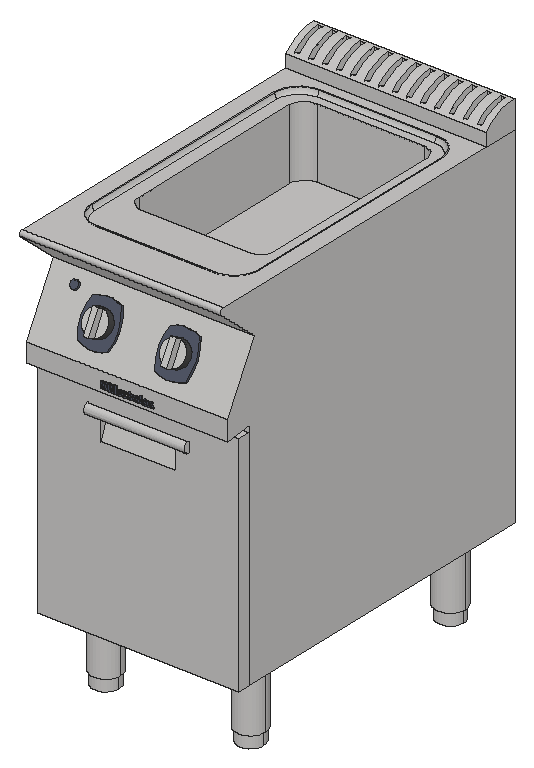
Revit family "QF_ELECTROLUXPROFESSIONAL_371352_E7OOBDBAMC", category Specialty Equipment, Revit 2018 (continued)
Automatic sketch dimensions
  Extrusion 36 sketch curve to Extrusion 36 sketch curve = 0.064 mm
  plane 7 "Center Y" to Extrusion 36 sketch curve = 6.733 mm
  Extrusion 36 sketch curve to Extrusion 36 sketch curve = 0.556 mm  (x2)
  Extrusion 36 sketch curve to Extrusion 36 sketch curve = 0.48 mm
  Extrusion 36 sketch curve to Extrusion 36 sketch curve = 1.018 mm
  Extrusion 36 sketch curve to Extrusion 36 sketch curve = 0.787 mm
  Extrusion 36 sketch curve to Extrusion 36 sketch curve = 0.618 mm
  Extrusion 36 sketch curve to Extrusion 36 sketch curve = 1.672 mm
  Extrusion 36 sketch curve to Extrusion 36 sketch curve = 1.361 mm
  Extrusion 36 sketch curve to Extrusion 36 sketch curve = 0.822 mm
  Extrusion 36 sketch curve to Extrusion 36 sketch curve = 0.069 mm
  Extrusion 36 sketch curve to Extrusion 36 sketch curve = 1.88 mm
  Extrusion 36 sketch curve to Extrusion 36 sketch curve = 0.42 mm
  Extrusion 36 sketch curve to Extrusion 36 sketch curve = 0.062 mm
  Extrusion 36 sketch curve to Extrusion 36 sketch curve = 1.355 mm
  Extrusion 36 sketch curve to Extrusion 36 sketch curve = 2.34 mm
  Extrusion 36 sketch curve to Extrusion 36 sketch curve = 0.493 mm
  Extrusion 36 sketch curve to Extrusion 36 sketch curve = 0.136 mm
  Extrusion 36 sketch curve to Extrusion 36 sketch curve = 0.128 mm
  Extrusion 36 sketch curve to Extrusion 36 sketch curve = 3.616 mm
  Extrusion 36 sketch curve to Extrusion 36 sketch curve = 4.207 mm
  Extrusion 36 sketch curve to Extrusion 36 sketch curve = 0.183 mm
  Extrusion 36 sketch curve to Extrusion 36 sketch curve = 0.895 mm
  Extrusion 36 sketch curve to Extrusion 36 sketch curve = 1.314 mm
  Extrusion 36 sketch curve to Extrusion 36 sketch curve = 3.231 mm
  Extrusion 36 sketch curve to Extrusion 36 sketch curve = 1.299 mm
  Extrusion 36 sketch curve to Extrusion 36 sketch curve = 1.214 mm
  Extrusion 36 sketch curve to Extrusion 36 sketch curve = 1.264 mm
  Extrusion 36 sketch curve to Extrusion 36 sketch curve = 0.109 mm
  Extrusion 36 sketch curve to Extrusion 36 sketch curve = 0.357 mm
  Extrusion 36 sketch curve to Extrusion 36 sketch curve = 0.565 mm
  Extrusion 36 sketch curve to Extrusion 36 sketch curve = 2.504 mm
  Extrusion 36 sketch curve to Extrusion 36 sketch curve = 2.459 mm
  Extrusion 36 sketch curve to Extrusion 36 sketch curve = 1.322 mm
  Extrusion 36 sketch curve to Extrusion 36 sketch curve = 2.77 mm
  Extrusion 36 sketch curve to Extrusion 36 sketch curve = 2.51 mm
  Extrusion 36 sketch curve to Extrusion 36 sketch curve = 0.187 mm
  Extrusion 36 sketch curve to Extrusion 36 sketch curve = 2.559 mm
  Extrusion 36 sketch curve to Extrusion 36 sketch curve = 1.556 mm
  Extrusion 36 sketch curve to Extrusion 36 sketch curve = 0.222 mm
  Extrusion 36 sketch curve to Extrusion 36 sketch curve = 1.383 mm
  Extrusion 36 sketch curve to Extrusion 36 sketch curve = 3.114 mm
  Extrusion 36 sketch curve to Extrusion 36 sketch curve = 3.376 mm
  Extrusion 36 sketch curve to Extrusion 36 sketch curve = 0.934 mm
  Extrusion 36 sketch curve to Extrusion 36 sketch curve = 0.191 mm
  Extrusion 36 sketch curve to Extrusion 36 sketch curve = 3.696 mm
  Extrusion 36 sketch curve to Extrusion 36 sketch curve = 2.708 mm
  Extrusion 36 sketch curve to Extrusion 36 sketch curve = 3.333 mm
  Extrusion 36 sketch curve to Extrusion 36 sketch curve = 0.332 mm
  Extrusion 36 sketch curve to Extrusion 36 sketch curve = 1.087 mm
  Extrusion 36 sketch curve to Extrusion 36 sketch curve = 2.23 mm
  Extrusion 36 sketch curve to Extrusion 36 sketch curve = 2.757 mm
  Extrusion 36 sketch curve to Extrusion 36 sketch curve = 0.987 mm
  Extrusion 36 sketch curve to Extrusion 36 sketch curve = 1.529 mm
  Extrusion 36 sketch curve to Extrusion 36 sketch curve = 1.796 mm
  Extrusion 36 sketch curve to Extrusion 36 sketch curve = 2.859 mm
  Extrusion 36 sketch curve to Extrusion 36 sketch curve = 0.853 mm
  Extrusion 36 sketch curve to Extrusion 36 sketch curve = 1.241 mm
  Extrusion 36 sketch curve to Extrusion 36 sketch curve = 2.046 mm  (x2)
  Extrusion 36 sketch curve to Extrusion 36 sketch curve = 2.422 mm
  Extrusion 36 sketch curve to Extrusion 36 sketch curve = 0.27 mm  (x2)
  Extrusion 36 sketch curve to Extrusion 36 sketch curve = 0.69 mm
  Extrusion 36 sketch curve to Extrusion 36 sketch curve = 0.781 mm  (x2)
  Extrusion 36 sketch curve to Extrusion 36 sketch curve = 3.136 mm
  Extrusion 36 sketch curve to Extrusion 36 sketch curve = 1.767 mm
  Extrusion 36 sketch curve to Extrusion 36 sketch curve = 0.138 mm
  Extrusion 36 sketch curve to Extrusion 36 sketch curve = 0.777 mm
  Extrusion 36 sketch curve to Extrusion 36 sketch curve = 1.19 mm
  Extrusion 36 sketch curve to Extrusion 36 sketch curve = 0.782 mm
  Extrusion 36 sketch curve to Extrusion 36 sketch curve = 1.268 mm
  Extrusion 36 sketch curve to Extrusion 36 sketch curve = 0.422 mm  (x2)
  Extrusion 36 sketch curve to Extrusion 36 sketch curve = 1.559 mm
  Extrusion 36 sketch curve to Extrusion 36 sketch curve = 3.927 mm
  Extrusion 36 sketch curve to Extrusion 36 sketch curve = 0.983 mm
  Extrusion 36 sketch curve to Extrusion 36 sketch curve = 1.134 mm
  Extrusion 36 sketch curve to Extrusion 36 sketch curve = 0.094 mm
  Extrusion 36 sketch curve to Extrusion 36 sketch curve = 1.584 mm
  Extrusion 36 sketch curve to Extrusion 36 sketch curve = 0.643 mm
  Extrusion 36 sketch curve to Extrusion 36 sketch curve = 0.916 mm
  Extrusion 36 sketch curve to Extrusion 36 sketch curve = 0.352 mm
  Extrusion 36 sketch curve to Extrusion 36 sketch curve = 0.458 mm
  Extrusion 36 sketch curve to Extrusion 36 sketch curve = 1.282 mm
  Extrusion 36 sketch curve to Extrusion 36 sketch curve = 1.363 mm
  Extrusion 36 sketch curve to Extrusion 36 sketch curve = 0.685 mm
  Extrusion 36 sketch curve to Extrusion 36 sketch curve = 0.905 mm
  Extrusion 36 sketch curve to Extrusion 36 sketch curve = 2.865 mm
  Extrusion 36 sketch curve to Extrusion 36 sketch curve = 0.472 mm
  Extrusion 36 sketch curve to Extrusion 36 sketch curve = 0.101 mm
  Extrusion 36 sketch curve to Extrusion 36 sketch curve = 0.54 mm
  Extrusion 36 sketch curve to Extrusion 36 sketch curve = 0.02 mm
  Extrusion 36 sketch curve to Extrusion 36 sketch curve = 0.468 mm
  Extrusion 36 sketch curve to Extrusion 36 sketch curve = 0.829 mm
  Extrusion 36 sketch curve to Extrusion 36 sketch curve = 0.582 mm
  Extrusion 36 sketch curve to Extrusion 36 sketch curve = 0.166 mm
  Extrusion 36 sketch curve to Extrusion 36 sketch curve = 0.16 mm
  Extrusion 36 sketch curve to Extrusion 36 sketch curve = 2.781 mm
  Extrusion 36 sketch curve to Extrusion 36 sketch curve = 1.118 mm
  Extrusion 36 sketch curve to Extrusion 36 sketch curve = 0.613 mm
  Extrusion 36 sketch curve to Extrusion 36 sketch curve = 0.361 mm
  Extrusion 36 sketch curve to Extrusion 36 sketch curve = 0.897 mm
  Extrusion 36 sketch curve to Extrusion 36 sketch curve = 0.167 mm
  Extrusion 36 sketch curve to Extrusion 36 sketch curve = 0.292 mm
  Extrusion 36 sketch curve to Extrusion 36 sketch curve = 0.305 mm
  Extrusion 36 sketch curve to Extrusion 36 sketch curve = 1.557 mm
  Extrusion 36 sketch curve to Extrusion 36 sketch curve = 2.499 mm
  Extrusion 36 sketch curve to Extrusion 36 sketch curve = 3.062 mm
  Extrusion 36 sketch curve to Extrusion 36 sketch curve = 2.968 mm
  Extrusion 36 sketch curve to Extrusion 36 sketch curve = 5.044 mm
  Extrusion 36 sketch curve to Extrusion 36 sketch curve = 0.629 mm  (x2)
  Extrusion 36 sketch curve to Extrusion 36 sketch curve = 1.131 mm
  Extrusion 36 sketch curve to Extrusion 36 sketch curve = 0.027 mm
  Extrusion 36 sketch curve to Extrusion 36 sketch curve = 2.235 mm
  radius of Extrusion 30 sketch curve = 25.4 mm
  radius of Extrusion 31 sketch curve to Extrusion 30 = 0 mm  (x2)
  radius of Extrusion 33 sketch curve = 25.4 mm
  radius of Extrusion 34 sketch curve to Extrusion 33 = 0 mm  (x2)
  radius of Extrusion 32 sketch curve = 8 mm
  radius of Extrusion 11 sketch curve = 12.7 mm  (x2)
Connectors
  electrical at (232, -370, 137.3), driven by "Volts"
    settings: on Extrusion 11, index 1, voltage 380 V, apparent load 6000 VA, apparent load phase1 0 VA, apparent load phase2 0 VA, apparent load phase3 0 VA, power factor 1, load classification "Other", number of poles 1, system type 30, power factor state 1, is connector primary yes, connector utility no, sub classification motor no, connector description "Electrical Connection"
  piping at (231.975, -581, 137.3), diameter 25.4
    settings: on Extrusion 11, index 2, connector inside diameter 1", connector length 0 mm, flow factor 0, pipe flow 0 GPM, pressure drop 0.00 psi, fitting loss kfactor 0, connector angle 0.00°, fixture units 0, engagement length 0 mm, angle of deflection 0.00°, flow configuration 1, flow direction 2, fitting loss method 0, system type 16, joint type 0, gender type 0, connector reference index -1, connector utility 0, adjustable connector no, is connector primary yes, connector description "Drain"
  piping at (335, -501, 198.4), diameter 12.7, driven by "Cold Water Size"
    settings: on Extrusion 35, index 4, connector inside diameter 0.50394", connector length 0 mm, flow factor 0, pipe flow 0 GPM, pressure drop 0.00 psi, fitting loss kfactor 0, connector angle 0.00°, fixture units 0, engagement length 0 mm, angle of deflection 0.00°, flow configuration 1, flow direction 1, fitting loss method 0, system type 20, joint type 0, gender type 0, connector reference index -1, connector utility 0, adjustable connector no, is connector primary no, connector description "Cold Water Inlet"
